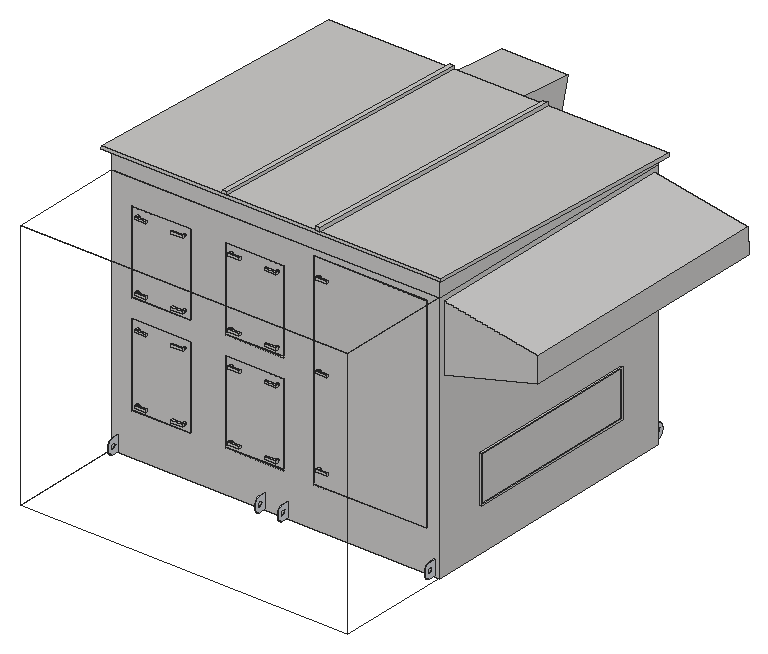
Revit family "DN-5XRT-2FP-EC", category Mechanical Equipment, Revit 2016
Family settings
  Part Type = Normal
  Round Connector Dimension = Use Diameter
  Work Plane-Based = No
  Always vertical = Yes
  Cut with Voids When Loaded = No
  Shared = No
  Room Calculation Point = No
Parameters (values of type "4@2.70 kW 200-240V")
  Voltage = "200-240V"
  Unit Weight (lbs) = "3950-4350 lbs"
  Unit Dimension (L x W x H) = "146-1/2\" x 124-7/8\" x 94-1/8\""
  Unit = Renewaire - Galvanized Steel
  URL = "www.renewaire.com"
  Typical Airflow Range = "1,125-4,950 CFM"
  Standard Features = "EC Motors for both airstreams, Direct drive backward inclined plenum, Higher ESP of up to 3\" w.g. at 4,500 CFM, Integrated programmable controls, True 100% face and bypass enthalpy based modulating economizer, Class 1 low leakage motorized isolation dampers, Stainless steel double-sloped drain pan with cooling option, 1\" Double wall foam injected 20 gauge galvanized panel construction with R6.5 insulation"
  Shipping Dimensions (L x W x H) = "120\" x 101-1/2\" x 100\""
  Service Area Visibility = yes
  Service Area Box = Renewaire - Interference
  Revit Object Download Link = ""
  Phase = "3"
  Options = "DX, heat pump, or chilled water cooling coil, Modulating hot gas reheat, Steam or hot water coil, Onboard variable frequency drives (VFDs) - both airstreams, Fused disconnect, Spring isolators (VFDs only), 2\" Double wall foam injected 20 gauge galvanized panel construction with R13 insulation, Exterior paint - grey, white, custom color, Salt spray - 2500 hours, BACNET factory activation, GFCI convenience outlet, Recirculation damper, Drain overflow switch, Mist Eliminator, Electrofin coating for coils"
  Number Motors = "Qty. 4, Direct drive motorized impeller packages"
  Model = "DN-5XRT-2FP-EC"
  Minimum Circuit Amps = "36.6 A"
  Maximum Overcurrent Protection = "45 A"
  Max. Shipping Weight (lbs) = "4200-4600 lbs."
  Manufacturer = "Renewaire LLC"
  Inlets/Outlets [instance] = "OA & RA Inlets: 60\" x 16\", SA Outlet: 24\" x 16\", EA Outlet: 20\" x 32\""
  Frequency = "50/60 Hz"
  Filters [instance] = "Total qty. 10, MERV 8: 16\" x 20\" x 2\""
  FLA per Motor = "8.6-7.2"
  Energy Recovery Type = "Static plate total energy transfer"
  Description = "Energy Recovery Ventilator"
  Bypass Filters [instance] = "Total qty. 4, MERV 8: 16\" x 20\" x 2\""
  Accessories = "Filters - MERV 13, 2\"  and 4\" (shipped loose), MERV 14, 2\" and 4\" (shipped loose), Additional filters available upon request, Roof curb - standard 14\", Hurricane or seismic rated curbs, Curb clip kit, Carbon dioxide sensor/control - wall mount (CO2-W), duct mount (CO2-D), IAQ sensor - wall mount (IAQ-W), duct mount (IAQ-D), Motion occupancy sensor/control - ceiling mount (MC-C), wall mount (MC-W), Smoke detector, Room temperature and humidity sensor, Duct static pressure sensor with display to 10\", without display 0-2\", Room pressure sensor with display to 1\", without display 0-1\", Waterless trap negative pressure, waterless trap positive pressure, Remote display"
  AHRI 1060 Certified Core = "One L-62-G5 and four L-125-G5"
Types (6): name | Voltage | Minimum Circuit Amps | Maximum Overcurrent Protection | FLA per Motor
  (no name) | "200-240V" | "36.6 A" | "45 A" | "8.6-7.2"
  4@2.70 kW 200-240V | "200-240V" | "36.6 A" | "45 A" | "8.6-7.2"
  4@3.70 kW 380-480V | "380-480V" | "25.5 A" | "30 A" | "6.0-4.6"
  4@5HP 208-230V | "208-230V" | "59.1 A" | "70 A" | "13.9-13.4/6.7"
  4@5HP 460V | "460V" | "28.5 A" | "35 A" | "6.7"
  4@5HP 575V | "575V" | "22.5 A" | "25 A" | "5.3"
Reference planes (in)
  plane 1 "Center (Front/Back)": y = 0
  plane 2: z = 0
  plane 3 "Center (Left/Right)": x = 0
  plane 4: x = -111.75
Forms (in)
  Extrusion 1, solid, material "Renewaire - Galvanized Steel" <- "Unit"
    sketch origin (0, 0, 0) x (1, 0, 0) y (0, 1, 0)
      loop
        line (-111.75, 46.5) -> (-111.75, -46.38324) -> (0, -46.38324) -> (0, 46.5) -> (-111.75, 46.5)
    from 0 to 85.625
  Extrusion 2, void
    sketch origin (0, 0, 0) x (1, 0, 0) y (0, 0, 1)
      loop
        line (-104.88334, 76.82399) -> (-104.88334, 48.824) -> (-84.88335, 48.824) -> (-84.88335, 76.82399) -> (-104.88334, 76.82399)
      loop
        line (-73.14754, 76.82399) -> (-73.14754, 48.824) -> (-53.14754, 48.824) -> (-53.14754, 76.82399) -> (-73.14754, 76.82399)
      loop
        line (-43.1125, 83.57398) -> (-43.1125, 13.57398) -> (-4.11251, 13.57398) -> (-4.11251, 83.57398) -> (-43.1125, 83.57398)
      loop
        line (-73.14754, 42.32399) -> (-73.14754, 14.32399) -> (-53.14754, 14.32399) -> (-53.14754, 42.32399) -> (-73.14754, 42.32399)
      loop
        line (-104.88334, 42.32399) -> (-104.88334, 14.33722) -> (-84.88335, 14.33722) -> (-84.88335, 42.32399) -> (-104.88334, 42.32399)
    from 45.5 to 47.07986
  Extrusion 3, void
    sketch origin (0, 0, 0) x (1, 0, 0) y (0, 1, 0)
      loop
        line (-109.75, 44.61676) -> (-109.75, -44.38324) -> (-2, -44.38324) -> (-2, 44.61676) -> (-109.75, 44.61676)
    from -3 to 5.699
  Extrusion 4, void
    sketch origin (0, 0, 0) x (1, 0, 0) y (0, 1, 0)
      loop
        line (-106.32315, 12.11675) -> (-106.32315, -11.88325) -> (-90.32315, -11.88325) -> (-90.32315, 12.11675) -> (-106.32315, 12.11675)
      loop
        line (-22.1125, 30.11677) -> (-22.1125, -29.88323) -> (-6.1125, -29.88323) -> (-6.1125, 30.11677) -> (-22.1125, 30.11677)
    from 4.75 to 6.699
  Extrusion 5, solid, material "Renewaire - Galvanized Steel" <- "Unit"
    sketch origin (0, 0, 1) x (0, 1, 0) y (0, 0, 1)
      loop
        line (12.11677, 33.30845) -> (-11.88323, 33.30845) -> (-11.88323, 17.30844) -> (12.11677, 17.30844) -> (12.11677, 33.30845)
      loop
        line (11.99177, 33.18345) -> (-11.75823, 33.18345) -> (-11.75823, 17.43344) -> (11.99177, 17.43344) -> (11.99177, 33.18345)
    from -112.75 to -111.75
  Extrusion 6, solid, material "Renewaire - Galvanized Steel" <- "Unit"
    sketch origin (0, 0, 1) x (0, 1, 0) y (0, 0, 1)
      loop
        line (-29.87714, 30.29275) -> (-29.87714, 14.29275) -> (30.12286, 14.29275) -> (30.12286, 30.29275) -> (-29.87714, 30.29275)
      loop
        line (-29.75214, 30.16775) -> (-29.75214, 14.41775) -> (29.99786, 14.41775) -> (29.99786, 30.16775) -> (-29.75214, 30.16775)
    from 0 to 1
  Extrusion 7, solid, material "Renewaire - Galvanized Steel" <- "Unit"
    sketch origin (0, 0, 0) x (1, 0, 0) y (0, 0, 1)
      loop
        line (-104.63334, 14.634) -> (-85.03333, 14.634) -> (-85.03333, 42.414) -> (-104.63334, 42.414) -> (-104.63334, 14.634)
      loop
        line (-104.63334, 76.82401) -> (-104.63334, 49.22401) -> (-85.03333, 49.22401) -> (-85.03333, 76.82401) -> (-104.63334, 76.82401)
      loop
        line (-72.89753, 76.82401) -> (-72.89753, 49.22401) -> (-53.29756, 49.22401) -> (-53.29756, 76.82401) -> (-72.89753, 76.82401)
      loop
        line (-72.89754, 42.32401) -> (-72.89754, 14.634) -> (-53.29754, 14.634) -> (-53.29754, 42.32401) -> (-72.89754, 42.32401)
      loop
        line (-42.8625, 13.82398) -> (-4.36251, 13.82398) -> (-4.36251, 83.32398) -> (-42.8625, 83.32398) -> (-42.8625, 13.82398)
    from 45.5 to 46.38324
  Extrusion 8, solid, material "Renewaire - Interference" <- "Service Area Box", visible <- "Service Area Visibility"
    sketch origin (0, 0, 0) x (1, 0, 0) y (0, 1, 0)
      loop
        line (-111.75, -46.38324) -> (-111.75, -85.5) -> (0, -85.5) -> (0, -46.38324) -> (-111.75, -46.38324)
    from 0 to 85.625
  Extrusion 9, solid, material "Renewaire - Galvanized Steel" <- "Unit"
    sketch origin (0, 0, 0) x (1, 0, 0) y (0, 0, 1)
      loop
        line (0, 84.15518) -> (0, 61.47937) -> (32.11703, 70.0851) -> (32.11703, 78.49208) -> (0, 84.15518)
    from -44.7985 to 44.79848
  Extrusion 10, solid, material "Renewaire - Galvanized Steel" <- "Unit"
    sketch origin (0, 0, 0) x (0, 1, 0) y (0, 0, 1)
      loop
        line (46.49998, 84.66539) -> (46.49998, 48.56516) -> (66.93162, 56.04337) -> (74.10032, 82.203) -> (46.49998, 84.66539)
    from -75.49335 to -52.94936
  Extrusion 11, void
    sketch origin (0, 0, 0) x (1, 0, 0) y (0, 0, 1)
      loop
        line (-84.92814, 77.324) -> (-104.88334, 77.324) -> (-104.88334, 48.824) -> (-84.92814, 48.824) -> (-84.92814, 77.324)
      loop
        line (-84.92814, 42.824) -> (-104.88334, 42.824) -> (-104.88334, 14.33722) -> (-84.92814, 14.33722) -> (-84.92814, 42.824)
    from -47.5 to -45.5
  Extrusion 12, solid, material "Renewaire - Galvanized Steel" <- "Unit"
    sketch origin (0, 0, 0) x (1, 0, 0) y (0, 0, 1)
      loop
        line (-85.12813, 36.86401) -> (-85.12813, 42.46401) -> (-104.63334, 42.46401) -> (-104.63334, 36.86401) -> (-85.12813, 36.86401)
      loop
        line (-85.03333, 36.62401) -> (-104.63334, 36.62401) -> (-104.63334, 20.52401) -> (-85.03333, 20.52401) -> (-85.03333, 36.62401)
      loop
        line (-85.12813, 20.28401) -> (-104.63334, 20.28401) -> (-104.63334, 14.634) -> (-85.12813, 14.634) -> (-85.12813, 20.28401)
      loop
        line (-85.12813, 49.22401) -> (-85.12813, 76.82401) -> (-104.63334, 76.82401) -> (-104.63334, 49.22401) -> (-85.12813, 49.22401)
    from -45.5 to -46.5
  Extrusion 13, solid, material "Renewaire - Galvanized Steel" <- "Unit"
    sketch origin (0, 0, 0) x (0, 1, 0) y (0, 0, 1)
      loop
        line (48.48898, 88.92286) -> (-48.48124, 93.09645) -> (-48.52424, 92.09738) -> (48.44598, 87.92379) -> (48.48898, 88.92286)
    from -113.75 to 2
  Extrusion 14, solid, material "Renewaire - Galvanized Steel" <- "Unit"
    sketch origin (0, 0, 0) x (0, 1, 0) y (0, 0, 1)
      loop
        line (-46.38324, 92.00523) -> (-46.38324, 85.625) -> (46.5, 85.625) -> (46.5, 88.00755) -> (-46.38324, 92.00523)
    from -111.75 to 0
  Extrusion 15, solid, material "Renewaire - Galvanized Steel" <- "Unit"
    sketch origin (0, 0, 0) x (0, 1, 0) y (0, 0, 1)
      loop
        line (48.53198, 89.92194) -> (-48.43824, 94.09553) -> (-48.48124, 93.09645) -> (48.48898, 88.92286) -> (48.53198, 89.92194)
    from -72.5309 to -71.07253
  Extrusion 16, solid, material "Renewaire - Galvanized Steel" <- "Unit"
    sketch origin (0, 0, 0) x (0, 1, 0) y (0, 0, 1)
      loop
        line (48.53198, 89.92194) -> (-48.43824, 94.09553) -> (-48.48124, 93.09645) -> (48.48898, 88.92286) -> (48.53198, 89.92194)
    from -40.80093 to -39.30587
Cuts and joins
  Extrusion 2, Extrusion 3, Extrusion 4, Extrusion 11 cuts Extrusion 1
Dimensions and locks (in)
  aligned and locked: plane 2 to level
Nested families (in)
  nested 1: "Handle" at (-41.11251, -46.38324, 19), type "Handle"
    with Right Handle yes, Left Handle no, Flip no
  nested 2: "Handle" at (-41.11251, -46.38324, 77.67027), type "Handle"
    with Right Handle yes, Left Handle no, Flip no
  nested 3: "Handle" at (-41.11251, -46.38324, 49), type "Handle"
    with Right Handle yes, Left Handle no, Flip no
  nested 4: "Handle" at (-71.07253, -46.38324, 74.37401), type "Handle"
    with Right Handle yes, Left Handle no, Flip no
  nested 5: "Handle" at (-71.07253, -46.38324, 51.274), type "Handle"
    with Right Handle yes, Left Handle no, Flip no
  nested 6: "Handle" at (-55.22256, -46.38324, 74.37401), type "Handle"
    with Right Handle no, Left Handle yes, Flip yes
  nested 7: "Handle" at (-55.22256, -46.38324, 51.274), type "Handle"
    with Right Handle no, Left Handle yes, Flip yes
  nested 8: "Handle" at (-71.07253, -46.38324, 39.87401), type "Handle"
    with Right Handle yes, Left Handle no, Flip no
  nested 9: "Handle" at (-71.07253, -46.38324, 16.77401), type "Handle"
    with Right Handle yes, Left Handle no, Flip no
  nested 10: "Handle" at (-55.22256, -46.38324, 39.87401), type "Handle"
    with Right Handle no, Left Handle yes, Flip yes
  nested 11: "Handle" at (-55.22256, -46.38324, 16.77401), type "Handle"
    with Right Handle no, Left Handle yes, Flip yes
  nested 12: "Handle" at (-102.80833, -46.38324, 39.87401), type "Handle"
    with Right Handle yes, Left Handle no, Flip no
  nested 13: "Handle" at (-102.80833, -46.38324, 16.77401), type "Handle"
    with Right Handle yes, Left Handle no, Flip no
  nested 14: "Handle" at (-86.95836, -46.38324, 39.87401), type "Handle"
    with Right Handle no, Left Handle yes, Flip yes
  nested 15: "Handle" at (-86.95836, -46.38324, 16.77401), type "Handle"
    with Right Handle no, Left Handle yes, Flip yes
  nested 16: "Handle" at (-102.80833, -46.38324, 74.37401), type "Handle"
    with Right Handle yes, Left Handle no, Flip no
  nested 17: "Handle" at (-102.80833, -46.38324, 51.274), type "Handle"
    with Right Handle yes, Left Handle no, Flip no
  nested 18: "Handle" at (-86.95836, -46.38324, 74.37401), type "Handle"
    with Right Handle no, Left Handle yes, Flip yes
  nested 19: "Handle" at (-86.95836, -46.38324, 51.274), type "Handle"
    with Right Handle no, Left Handle yes, Flip yes
  nested 20: "Lifting Lug" at (-109.75, 46.5, 0) x (0, 1, 0) z (0, 0, 1), Material <- "Unit", type "Lifting Lug"
    with Material Renewaire - Galvanized Steel
  nested 21: "Lifting Lug" at (-59.625, 46.5, 0) x (0, 1, 0) z (0, 0, 1), Material <- "Unit", type "Lifting Lug"
    with Material Renewaire - Galvanized Steel
  nested 22: "Lifting Lug" at (-1.75, 46.5, 0) x (0, 1, 0) z (0, 0, 1), Material <- "Unit", type "Lifting Lug"
    with Material Renewaire - Galvanized Steel
  nested 23: "Lifting Lug" at (-51.875, 46.5, 0) x (0, 1, 0) z (0, 0, 1), Material <- "Unit", type "Lifting Lug"
    with Material Renewaire - Galvanized Steel
  nested 24: "Handle" at (-102.80833, 46.38324, 34.124), type "Handle"
    with Right Handle yes, Left Handle no, Flip no
  nested 25: "Handle" at (-102.80833, 46.38324, 22.52399), type "Handle"
    with Right Handle yes, Left Handle no, Flip no
  nested 26: "Handle" at (-86.95836, 46.38324, 34.124), type "Handle"
    with Right Handle no, Left Handle yes, Flip yes
  nested 27: "Handle" at (-86.95836, 46.38324, 22.52399), type "Handle"
    with Right Handle no, Left Handle yes, Flip yes
  nested 28: "Handle" at (-102.80833, 46.38324, 74.37401), type "Handle"
    with Right Handle yes, Left Handle no, Flip no
  nested 29: "Handle" at (-102.80833, 46.38324, 51.274), type "Handle"
    with Right Handle yes, Left Handle no, Flip no
  nested 30: "Handle" at (-86.95836, 46.38324, 74.37401), type "Handle"
    with Right Handle no, Left Handle yes, Flip yes
  nested 31: "Handle" at (-86.95836, 46.38324, 51.274), type "Handle"
    with Right Handle no, Left Handle yes, Flip yes
  nested 32: "Lifting Lug" at (-109.75, -46.38324, 0) x (0, -1, 0) z (0, 0, 1), Material <- "Unit", type "Lifting Lug"
    with Material Renewaire - Galvanized Steel
  nested 33: "Lifting Lug" at (-59.625, -46.38324, 0) x (0, -1, 0) z (0, 0, 1), Material <- "Unit", type "Lifting Lug"
    with Material Renewaire - Galvanized Steel
  nested 34: "Lifting Lug" at (-1.75, -46.38324, 0) x (0, -1, 0) z (0, 0, 1), Material <- "Unit", type "Lifting Lug"
    with Material Renewaire - Galvanized Steel
  nested 35: "Lifting Lug" at (-51.875, -46.38324, 0) x (0, -1, 0) z (0, 0, 1), Material <- "Unit", type "Lifting Lug"
    with Material Renewaire - Galvanized Steel
Connectors (in)
  hvac at (1, 0.12286, 23.29275)
    settings: on Extrusion 6, index 1, duct flow 0 CFM, flow factor 0, pres drop 0.00 in-wg, loss coef 0, conn angle 0.00°, conn width 60", conn height 16", conn diameter 24", duct sys type 2, conn prof type 1, flow config 0, flow direction 1, loss method 0, conn ref index -1, conn util no, is conn primary yes, conn desc "Return Air (RA)"
  hvac at (-112.75, 0.11677, 26.30845)
    settings: on Extrusion 5, index 6, duct flow 0 CFM, flow factor 0, pres drop 0.00 in-wg, loss coef 0, conn angle 0.00°, conn width 24", conn height 16", conn diameter 24", duct sys type 1, conn prof type 1, flow config 0, flow direction 2, loss method 0, conn ref index -1, conn util no, is conn primary no, conn desc "Supply Air (SA)"
  hvac at (-14.1125, 0.11677, 6.699)
    settings: on cut or joined group of Extrusion 1, Extrusion 2, Extrusion 3, Extrusion 4, Extrusion 11, index 9, duct flow 0 CFM, flow factor 0, pres drop 0.00 in-wg, loss coef 0, conn angle 0.00°, conn width 60", conn height 16", conn diameter 24", duct sys type 2, conn prof type 1, flow config 0, flow direction 1, loss method 0, conn ref index -1, conn util no, is conn primary no, conn desc "Return Air (RA)"
  hvac at (-98.32315, 0.11675, 6.699)
    settings: on cut or joined group of Extrusion 1, Extrusion 2, Extrusion 3, Extrusion 4, Extrusion 11, index 10, duct flow 0 CFM, flow factor 0, pres drop 0.00 in-wg, loss coef 0, conn angle 0.00°, conn width 24", conn height 16", conn diameter 24", duct sys type 1, conn prof type 1, flow config 0, flow direction 2, loss method 0, conn ref index -1, conn util no, is conn primary no, conn desc "Supply Air (SA)"
Definition of nested family "Handle"
  Parameters (values of type "Handle")
    Right Handle [instance] = not(Flip)  # no
    Material = none
    Left Handle [instance] = Flip  # yes
    Flip [instance] = yes
  Reference planes (in)
    plane 1 "Center (Front/Back)": y = 0
    plane 2: z = 0
    plane 3 "Center (Left/Right)": x = 0
  Forms (in)
    Extrusion 1, solid, material <- "Material"
      sketch origin (0, 0, 0) x (1, 0, 0) y (0, 0, 1)
        loop
          circle (0, 0) r 0.375
      from 0 to 0.75
    Extrusion 2, solid, material <- "Material", visible <- "Right Handle"
      sketch origin (0, 0, 0) x (1, 0, 0) y (0, 1, 0)
        loop
          line (-0.375, -0.75) -> (-0.375, -1.25) -> (3.625, -1.25) -> (3.625, -0.75) -> (-0.375, -0.75)
      from -0.375 to 0.375
    Extrusion 3, solid, material <- "Material", visible <- "Left Handle"
      sketch origin (-3.25, 0, 0) x (1, 0, 0) y (0, 1, 0)
        loop
          line (-0.375, -0.75) -> (-0.375, -1.25) -> (3.625, -1.25) -> (3.625, -0.75) -> (-0.375, -0.75)
      from -0.375 to 0.375
  Dimensions and locks (in)
    aligned and locked: plane 2 to level
Definition of nested family "Lifting Lug"
  Parameters (values of type "Lifting Lug")
    Material [instance] = none
  Reference planes (in)
    plane 1 "Center (Front/Back)": y = 0
    plane 2: z = 0
    plane 3 "Center (Left/Right)": x = 0
  Forms (in)
    Extrusion 1, solid
      sketch origin (0, 0, 0) x (1, 0, 0) y (0, 0, 1)
        loop
          line (0, 0.1875) -> (2, 0.1875)
          arc (2, 0.1875) -> (3.41421, 0.77329) -> (4, 2.1875) r 2
          line (4, 2.1875) -> (4, 3.1875)
          arc (4, 3.1875) -> (3.41421, 4.60171) -> (2, 5.1875) r 2
          line (2, 5.1875) -> (0, 5.1875) -> (0, 0.1875)
        loop
          circle (2.125, 2.6875) r 1
      from 0 to 0.25
  Dimensions and locks (in)
    aligned and locked: plane 2 to level
